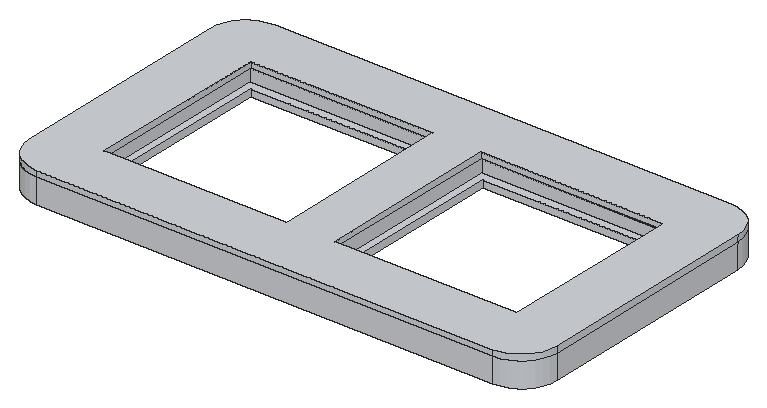
Revit family "Gira_0212411", category Electrical Fixtures, host Face, Revit 2017
Family settings
  Host = Face
  Maintain Annotation Orientation = No
  Round Connector Dimension = Use Diameter
  Part Type = Normal
  Cut with Voids When Loaded = No
  Shared = No
  Room Calculation Point = No
Parameters (values of type "Abdeckrahmen 2f Gira E3 Hellgrau/Reinweiß")
  Werkstoffgüte = "sonstige"
  Werkstoff = "sonstige"
  URL = "http://katalog.gira.de/de_DE/datenblatt.html?artikelnr=0212411"
  Transparent = "No"
  Textfeld/Beschriftungsfläche = "No"
  Schutzart (IP) = "IP20"
  Region = "DE"
  Oberfläche = "sonstige"
  Name = "Abdeckrahmen 2f Gira E3 Hellgrau/Reinweiß"
  Montagerichtung = "horizontal und vertikal"
  Mit Montagerahmen = "No"
  Mit Klappdeckel = "No"
  Manufacturer URL = "https://www.gira.de/"
  Keynote = "E3_Rahmen_2fach"
  HeinzeBIM = "https://bimportal.heinze.de/bim/abdeckrahmen-2f-gira-e3-hellgrau-reinweiss/03575f1731285ea3ab523887f7db8af48c310f0a"
  Halogenfrei = "Yes"
  HAN = "0212411"
  Geeignet für Unterputz-Installation = "Yes"
  Geeignet für Unterflurkanaldose = "No"
  Geeignet für Geräteeinbaukanal = "No"
  Geeignet für Einbauinstallation = "No"
  GTIN = "4010337023784"
  Farbe = "grau"
  Default Elevation = 1219.2 mm
  Data sheet (1) = "https://katalog.gira.de/de_DE/download.html?artikelnr=0212411"
  Category = "Abdeckrahmen"
  Befestigungsart = "Klemmbefestigung"
  Available = "Yes"
  Anzahl der Einheiten vertikal = "2 "
  Anzahl der Einheiten horizontal = "2 "
  Anzahl der Einheiten = "2 "
Reference planes
  plane 1 "Center (Front/Back)": y = 0
  plane 2: z = 0
  plane 3 "Center (Left/Right)": x = 0
Forms (mm)
  Extrusion 1, solid, detail levels fine
    sketch origin (0, 0, 0) x (1, 0, 0) y (0, 1, 0)
      loop
        arc (-70.35, 45.809) -> (-78.134, 42.585) -> (-81.359, 34.8) r 11.009
        line (-81.359, 34.8) -> (-81.359, -34.8)
        arc (-81.359, -34.8) -> (-78.134, -42.585) -> (-70.35, -45.809) r 11.009
        line (-70.35, -45.809) -> (70.35, -45.809)
        arc (70.35, -45.809) -> (78.135, -42.585) -> (81.359, -34.8) r 11.009
        line (81.359, -34.8) -> (81.359, 34.8)
        arc (81.359, 34.8) -> (78.135, 42.585) -> (70.35, 45.809) r 11.009
        line (70.35, 45.809) -> (-70.35, 45.809)
      loop
        line (-7.45, 28.187) -> (-63.706, 28.187) -> (-63.706, -28.187) -> (-7.45, -28.187) -> (-7.45, 28.187)
      loop
        line (7.45, 28.187) -> (7.45, -28.187) -> (63.706, -28.187) -> (63.706, 28.187) -> (7.45, 28.187)
    from 7.65 to 9.5
  Extrusion 2, solid, detail levels fine
    sketch origin (-35.75, 0, 0) x (1, 0, 0) y (0, 1, 0)
      loop
        line (25.7, 25.7) -> (-25.7, 25.7) -> (-25.7, -25.7) -> (25.7, -25.7) -> (25.7, 25.7)
      loop
        line (-28.187, -28.156) -> (28.187, -28.156) -> (28.187, 28.156) -> (-28.187, 28.156) -> (-28.187, -28.156)
    from 1.65 to 3.9
  Extrusion 3, solid, detail levels fine
    sketch origin (0, 0, 0) x (1, 0, 0) y (0, 1, 0)
      loop
        arc (-70.35, 45.809) -> (-78.134, 42.585) -> (-81.359, 34.8) r 11.009
        line (-81.359, 34.8) -> (-81.359, -34.8)
        arc (-81.359, -34.8) -> (-78.134, -42.585) -> (-70.35, -45.809) r 11.009
        line (-70.35, -45.809) -> (70.35, -45.809)
        arc (70.35, -45.809) -> (78.135, -42.585) -> (81.359, -34.8) r 11.009
        line (81.359, -34.8) -> (81.359, 34.8)
        arc (81.359, 34.8) -> (78.135, 42.585) -> (70.35, 45.809) r 11.009
        line (70.35, 45.809) -> (-70.35, 45.809)
      loop
        line (-79.393, 34.785) -> (-79.393, -34.785)
        arc (-79.393, -34.785) -> (-76.739, -41.19) -> (-70.334, -43.843) r 9.058
        line (-70.334, -43.843) -> (70.335, -43.843)
        arc (70.335, -43.843) -> (76.74, -41.19) -> (79.393, -34.785) r 9.058
        line (79.393, -34.785) -> (79.393, 34.785)
        arc (79.393, 34.785) -> (76.74, 41.19) -> (70.335, 43.843) r 9.058
        line (70.335, 43.843) -> (-70.334, 43.843)
        arc (-70.334, 43.843) -> (-76.739, 41.19) -> (-79.393, 34.785) r 9.058
    from 0 to 7.65
  Extrusion 4, solid, detail levels fine
    sketch origin (0, 0, 0) x (1, 0, 0) y (0, 1, 0)
      loop
        line (-62.956, -31.075) -> (62.956, -31.075)
        arc (62.956, -31.075) -> (65.599, -29.98) -> (66.694, -27.337) r 3.739
        line (66.694, -27.337) -> (66.694, 27.337)
        arc (66.694, 27.337) -> (65.599, 29.98) -> (62.956, 31.075) r 3.739
        line (62.956, 31.075) -> (-62.956, 31.075)
        arc (-62.956, 31.075) -> (-65.599, 29.98) -> (-66.694, 27.337) r 3.739
        line (-66.694, 27.337) -> (-66.694, -27.337)
        arc (-66.694, -27.337) -> (-65.599, -29.98) -> (-62.956, -31.075) r 3.739
      loop
        line (-65.544, 27.537) -> (-65.544, -27.537)
        arc (-65.544, -27.537) -> (-64.845, -29.226) -> (-63.156, -29.925) r 2.389
        line (-63.156, -29.925) -> (63.156, -29.925)
        arc (63.156, -29.925) -> (64.845, -29.226) -> (65.544, -27.537) r 2.389
        line (65.544, -27.537) -> (65.544, 27.537)
        arc (65.544, 27.537) -> (64.845, 29.226) -> (63.156, 29.925) r 2.389
        line (63.156, 29.925) -> (-63.156, 29.925)
        arc (-63.156, 29.925) -> (-64.845, 29.226) -> (-65.544, 27.537) r 2.389
    from 1.65 to 7.65
  Extrusion 5, solid, detail levels fine
    sketch origin (0, 0, 0) x (1, 0, 0) y (0, 1, 0)
      loop
        line (-67.617, -39.8) -> (67.617, -39.8)
        arc (67.617, -39.8) -> (73.232, -36.708) -> (75.464, -30.7) r 9.2
        line (75.464, -30.7) -> (75.464, 30.7)
        arc (75.464, 30.7) -> (72.77, 37.205) -> (66.264, 39.9) r 9.2
        line (66.264, 39.9) -> (-66.264, 39.9)
        arc (-66.264, 39.9) -> (-72.77, 37.205) -> (-75.464, 30.7) r 9.2
        line (-75.464, 30.7) -> (-75.464, -30.7)
        arc (-75.464, -30.7) -> (-73.232, -36.708) -> (-67.617, -39.8) r 9.2
      loop
        line (-66.264, -31.7) -> (66.264, -31.7)
        arc (66.264, -31.7) -> (66.972, -31.407) -> (67.264, -30.7) r 1
        line (67.264, -30.7) -> (67.264, 30.7)
        arc (67.264, 30.7) -> (66.972, 31.407) -> (66.264, 31.7) r 1
        line (66.264, 31.7) -> (-66.264, 31.7)
        arc (-66.264, 31.7) -> (-66.972, 31.407) -> (-67.264, 30.7) r 1
        line (-67.264, 30.7) -> (-67.264, -30.7)
        arc (-67.264, -30.7) -> (-66.972, -31.407) -> (-66.264, -31.7) r 1
    from 1.65 to 3.9
  Extrusion 6, solid, detail levels fine
    sketch origin (-35.75, 0, 0) x (1, 0, 0) y (0, 1, 0)
      loop
        line (-28.187, 28.156) -> (-28.187, -28.156) -> (28.187, -28.156) -> (28.187, 28.156) -> (-28.187, 28.156)
      loop
        line (-29.925, 29.925) -> (-29.925, -29.925) -> (29.925, -29.925) -> (29.925, 29.925) -> (-29.925, 29.925)
    from 1.65 to 7.65
  Extrusion 7, solid, detail levels coarse+medium
    sketch origin (0, 0, 0) x (1, 0, 0) y (0, 1, 0)
      loop
        line (-81.359, 45.809) -> (-81.359, -45.809) -> (81.359, -45.809) -> (81.359, 45.809) -> (-81.359, 45.809)
    from 0 to 9.5
  Extrusion 8, solid, detail levels fine
    sketch origin (35.75, 0, 0) x (-1, 0, 0) y (0, -1, 0)
      loop
        line (25.7, -25.7) -> (25.7, 25.7) -> (-25.7, 25.7) -> (-25.7, -25.7) -> (25.7, -25.7)
      loop
        line (-28.187, 28.156) -> (-28.187, -28.156) -> (28.187, -28.156) -> (28.187, 28.156) -> (-28.187, 28.156)
    from 1.65 to 3.9
  Extrusion 9, solid, detail levels fine
    sketch origin (35.75, 0, 0) x (-1, 0, 0) y (0, -1, 0)
      loop
        line (-28.187, -28.156) -> (28.187, -28.156) -> (28.187, 28.156) -> (-28.187, 28.156) -> (-28.187, -28.156)
      loop
        line (-29.925, -29.925) -> (29.925, -29.925) -> (29.925, 29.925) -> (-29.925, 29.925) -> (-29.925, -29.925)
    from 1.65 to 7.65
Dimensions and locks
  aligned and locked: plane 2 to host face
  aligned and locked: level to host face
